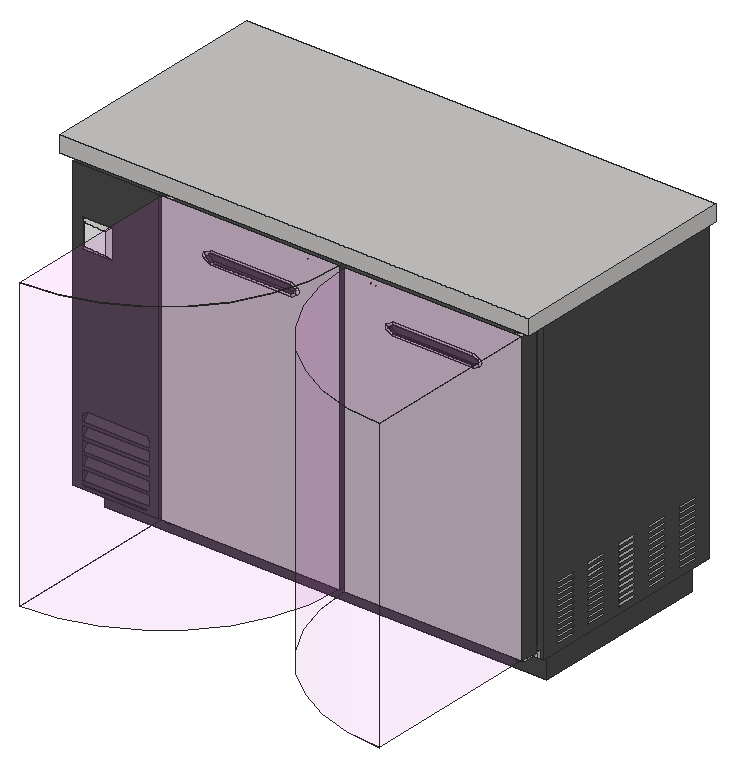
Revit family "QF_Kelvinator_738269_KCHBB48S", category Specialty Equipment, Revit 2021
Family settings
  Round Connector Dimension = Use Diameter
  Part Type = Normal
  Work Plane-Based = No
  Always vertical = Yes
  Cut with Voids When Loaded = No
  Shared = No
  Room Calculation Point = No
Parameters
  Weight in Pounds = 205.03
  Weight = 94.00 lbm
  Watts = 0 W
  Volts = 115 V
  URL Manufacturer = "KELVINATOR"
  URL Cutsheet = ""
  URL = "KELVINATOR"
  Specification by User = ""
  Specification by Manufacturer = ""
  Show Clearance [instance] = yes
  Serial Number = ""
  Seismic Rating = ""
  SMACNA No = ""
  Revision Code = ""
  Refrigerant Type = "R290"
  Phase = 1
  Number of Poles = 1
  NAFEM Spec ID Number = ""
  Model = "KCHBB48S"
  Min Ckt Ampacity = 0 A
  Max Overcurrent Protection = 0 A
  Masterspec = ""
  Manufacturer = "Kelvinator"
  Length Actual = 1247"
  Length = 49 1/8"
  Item Number = "738269"
  Installed By = ""
  Identify Quantity as Lot = yes
  Height Actual = 920"
  Height = 36 1/4"
  HP = "0.4 HP"
  Gas KW = 0
  Furnished By = ""
  Foodservice Equipment Identifier = yes
  FL Amps = 3 A
  Electrical Remarks = ""
  Electric Connection Type = ""
  Elec Conn RI Height = 0"
  Elec Conn Connection Height = 0"
  Description = "2-SOLID DOOR BACK BAR REFRIGERATOR BLACK 49\" LONG"
  Depth Actual = 620"
  Depth = 24 7/16"
  Default Elevation = 0"
  Cycle = 60 Hz
  Conn Plug = "5-15P"
  Conn Conduit = yes
  CSI MasterFormat = ""
  Apparent Power = 0 VA
  Accessory = no
Reference planes (in)
  plane 1 "BACK": y = 0
  plane 2: z = 0
  plane 3 "LEFT": x = 0
  plane 4 "RIGHT": x = 49.125
  plane 5 "FRONT": y = -24.4375
  plane 6 "TOP": z = 36.25
  plane 7 "Center Y": x = 24.5625
  plane 8 "Center X": y = -12.21875
Dimensions and locks (in)
  equal spacing: plane 3 "LEFT", plane 7 "Center Y", plane 4 "RIGHT"
  "Length": plane 3 "LEFT" to plane 4 "RIGHT"
  equal spacing: plane 5 "FRONT", plane 8 "Center X", plane 1 "BACK"
  "Depth": plane 5 "FRONT" to plane 1 "BACK"
  "Height": plane 6 "TOP" to level
  aligned and locked: level to plane 2
Nested families (in)
  nested 1: "KCHBB48S" at (0, 0, 0), Show Clearance <- "Show Clearance", type "KCHBB48S"
    with Show Clearance yes
Connectors (in)
  electrical at (24.53125, -0.715, 2.22), driven by "Volts", driven by "Watts"
    settings: on nested 1, index 1, voltage 115 V, apparent load 0 VA, apparent load phase1 0 VA, apparent load phase2 0 VA, apparent load phase3 0 VA, power factor 1, load classification "Other", number of poles 1, system type 30, power factor state 1, is connector primary yes, connector utility no, sub classification motor no, connector description ""
Definition of nested family "KCHBB48S"
  Parameters (values of type "KCHBB48S")
    Weight in Pounds = 0
    URL Cutsheet = ""
    Specification by User = ""
    Specification by Manufacturer = ""
    Show Clearance [instance] = yes
    Serial Number = ""
    Seismic Rating = ""
    SMACNA No = ""
    Revision Code = ""
    NAFEM Spec ID Number = ""
    Masterspec = ""
    Length = 49 1/8"
    Item Number = ""
    Installed By = ""
    Identify Quantity as Lot = yes
    Height = 36 1/4"
    Furnished By = ""
    Foodservice Equipment Identifier = yes
    Depth = 24 7/16"
    Default Elevation = 0"
    CSI MasterFormat = ""
  Reference planes (in)
    plane 1 "BACK": y = 0
    plane 2: z = 0
    plane 3 "LEFT": x = 0
    plane 4 "RIGHT": x = 49.125
    plane 5 "FRONT": y = -24.4375
    plane 6 "TOP": z = 36.25
    plane 7 "Center Y": x = 24.5625
    plane 8 "Center X": y = -12.21875
    plane 9: x = 48.46875
    plane 10: x = 0.59375
    plane 11: x = 47.96875
    plane 12: x = 29.36875
    plane 13: x = 28.86875
    plane 14: x = 10.26875
    plane 15: x = 9.93375
    plane 16: x = 0.93375
    plane 17: z = 2.72
    plane 18: z = 34.5875
    plane 19: y = -40.8
    plane 20: y = -21.6
    plane 21: x = 1.34375
    plane 22: x = 47.71875
    plane 23: y = -1.34
    plane 24: y = -20.26
    plane 25: z = 33.8375
    plane 26: z = 3.4375
    plane 27: y = -22.1
    plane 28: x = 1.93375
    plane 29: x = 8.93375
  Forms (in)
    Extrusion 1, solid
      sketch origin (0.59375, -180, -2.6612) x (0, 0, -1) y (0, -1, 0)
        loop
          line (-5.3812, -180) -> (-5.3812, -158.4) -> (-37.2487, -158.4) -> (-37.2487, -180) -> (-5.3812, -180)
      from 0 to -47.875
    Extrusion 2, solid
      sketch origin (0, 0, 0) x (0, 1, 0) y (0, 0, 1)
        loop
          line (-24.4375, 36.25) -> (-24.4375, 34.5875) -> (0, 34.5875) -> (0, 36.25) -> (-24.4375, 36.25)
      from 0 to 49.125
    Extrusion 3, solid
      sketch origin (0, -1.34, 0) x (0, 0, -1) y (1, 0, 0)
        loop
          line (-2.72, 1.34375) -> (0, 1.34375) -> (0, 47.71875) -> (-2.72, 47.71875) -> (-2.72, 1.34375)
      from 0 to 18.92
    Extrusion 4, solid
      sketch origin (0, -22.1, 34.5875) x (0, 0, 1) y (1, 0, 0)
        loop
          line (-0.75, 0.93375) -> (-0.75, 9.93375) -> (-31.15, 9.93375) -> (-31.15, 0.93375) -> (-0.75, 0.93375)
      from 0.5 to -1.75
    Extrusion 5, void
      sketch origin (1.93375, -180, 12.66737) x (0, 0, -1) y (0, -1, 0)
        loop
          line (8.97987, -157.025) -> (8.97987, -154.65) -> (1.85487, -154.65) -> (1.85487, -157.025) -> (2.10487, -157.025) -> (2.97987, -156.15) -> (3.22987, -156.15) -> (3.22987, -157.025) -> (3.47987, -157.025) -> (4.35487, -156.15) -> (4.60487, -156.15) -> (4.60487, -157.025) -> (4.85487, -157.025) -> (5.72987, -156.15) -> (5.97987, -156.15) -> (5.97987, -157.025) -> (6.22987, -157.025) -> (7.10487, -156.15) -> (7.35487, -156.15) -> (7.35487, -157.025) -> (7.60487, -157.025) -> (8.47987, -156.15) -> (8.72987, -156.15) -> (8.72987, -157.025) -> (8.97987, -157.025)
      from 0 to -7
    Extrusion 6, solid
      sketch origin (47.96875, -23.85, 3.4375) x (0, 0, 1) y (-1, 0, 0)
        loop
          line (7.375, 39.535) -> (7.375, 45.535)
          arc (7.375, 45.535) -> (7.22855, 45.88855) -> (6.875, 46.035) r 0.5
          line (6.875, 46.035) -> (0.75, 46.035)
          arc (0.75, 46.035) -> (0.39645, 45.88855) -> (0.25, 45.535) r 0.5
          line (0.25, 45.535) -> (0.25, 39.535)
          arc (0.25, 39.535) -> (0.39645, 39.18145) -> (0.75, 39.035) r 0.5
          line (0.75, 39.035) -> (6.875, 39.035)
          arc (6.875, 39.035) -> (7.22855, 39.18145) -> (7.375, 39.535) r 0.5
        loop
          line (7.625, 39.535) -> (7.625, 45.535)
          arc (7.625, 45.535) -> (7.40533, 46.06533) -> (6.875, 46.285) r 0.75
          line (6.875, 46.285) -> (0.75, 46.285)
          arc (0.75, 46.285) -> (0.21967, 46.06533) -> (0, 45.535) r 0.75
          line (0, 45.535) -> (0, 39.535)
          arc (0, 39.535) -> (0.21967, 39.00467) -> (0.75, 38.785) r 0.75
          line (0.75, 38.785) -> (6.875, 38.785)
          arc (6.875, 38.785) -> (7.40533, 39.00467) -> (7.625, 39.535) r 0.75
      from 0 to -0.875
    Blend 7, solid
      base sketch origin (47.96875, -23.85, 3.4375) x (0, 0, 1) y (-1, 0, 0)
        loop
          line (25.18493, 45.65025) -> (22.93493, 45.65025) -> (22.93493, 43.40025) -> (25.18493, 43.40025) -> (25.18493, 45.65025)
      top sketch origin (47.96875, -23.85, 3.4375) x (0, 0, 1) y (-1, 0, 0)
        loop
          line (25.56493, 46.03025) -> (22.55493, 46.03025) -> (22.55493, 43.02025) -> (25.56493, 43.02025) -> (25.56493, 46.03025)
      from 0.21643 to 0
    Extrusion 8, void
      sketch origin (0.59375, -180, -2.6612) x (0, 0, 1) y (0, -1, 0)
        loop
          arc (12.10379, -160.16063) -> (11.94754, -160.00438) -> (11.79129, -160.16063) r 0.15625
          line (11.79129, -160.16063) -> (11.79129, -162.09813)
          arc (11.79129, -162.09813) -> (11.94754, -162.25438) -> (12.10379, -162.09813) r 0.15625
          line (12.10379, -162.09813) -> (12.10379, -160.16063)
        loop
          arc (11.54129, -160.16063) -> (11.38504, -160.00438) -> (11.22879, -160.16063) r 0.15625
          line (11.22879, -160.16063) -> (11.22879, -162.09813)
          arc (11.22879, -162.09813) -> (11.38504, -162.25438) -> (11.54129, -162.09813) r 0.15625
          line (11.54129, -162.09813) -> (11.54129, -160.16063)
        loop
          arc (10.97879, -160.16063) -> (10.82254, -160.00438) -> (10.66629, -160.16063) r 0.15625
          line (10.66629, -160.16063) -> (10.66629, -162.09813)
          arc (10.66629, -162.09813) -> (10.82254, -162.25438) -> (10.97879, -162.09813) r 0.15625
          line (10.97879, -162.09813) -> (10.97879, -160.16063)
        loop
          arc (10.41629, -160.16063) -> (10.26004, -160.00438) -> (10.10379, -160.16063) r 0.15625
          line (10.10379, -160.16063) -> (10.10379, -162.09813)
          arc (10.10379, -162.09813) -> (10.26004, -162.25438) -> (10.41629, -162.09813) r 0.15625
          line (10.41629, -162.09813) -> (10.41629, -160.16063)
        loop
          arc (9.85379, -160.16063) -> (9.69754, -160.00438) -> (9.54129, -160.16063) r 0.15625
          line (9.54129, -160.16063) -> (9.54129, -162.09813)
          arc (9.54129, -162.09813) -> (9.69754, -162.25438) -> (9.85379, -162.09813) r 0.15625
          line (9.85379, -162.09813) -> (9.85379, -160.16063)
        loop
          arc (9.29129, -160.16063) -> (9.13504, -160.00438) -> (8.97879, -160.16063) r 0.15625
          line (8.97879, -160.16063) -> (8.97879, -162.09813)
          arc (8.97879, -162.09813) -> (9.13504, -162.25438) -> (9.29129, -162.09813) r 0.15625
          line (9.29129, -162.09813) -> (9.29129, -160.16063)
        loop
          arc (8.72879, -160.16063) -> (8.57254, -160.00438) -> (8.41629, -160.16063) r 0.15625
          line (8.41629, -160.16063) -> (8.41629, -162.09813)
          arc (8.41629, -162.09813) -> (8.57254, -162.25438) -> (8.72879, -162.09813) r 0.15625
          line (8.72879, -162.09813) -> (8.72879, -160.16063)
        loop
          arc (8.16629, -160.16063) -> (8.01004, -160.00438) -> (7.85379, -160.16063) r 0.15625
          line (7.85379, -160.16063) -> (7.85379, -162.09813)
          arc (7.85379, -162.09813) -> (8.01004, -162.25438) -> (8.16629, -162.09813) r 0.15625
          line (8.16629, -162.09813) -> (8.16629, -160.16063)
        loop
          arc (7.60379, -160.16063) -> (7.44754, -160.00438) -> (7.29129, -160.16063) r 0.15625
          line (7.29129, -160.16063) -> (7.29129, -162.09813)
          arc (7.29129, -162.09813) -> (7.44754, -162.25438) -> (7.60379, -162.09813) r 0.15625
          line (7.60379, -162.09813) -> (7.60379, -160.16063)
        loop
          arc (7.04129, -160.16063) -> (6.88504, -160.00438) -> (6.72879, -160.16063) r 0.15625
          line (6.72879, -160.16063) -> (6.72879, -162.09813)
          arc (6.72879, -162.09813) -> (6.88504, -162.25438) -> (7.04129, -162.09813) r 0.15625
          line (7.04129, -162.09813) -> (7.04129, -160.16063)
        loop
          arc (6.47879, -160.16063) -> (6.32254, -160.00438) -> (6.16629, -160.16063) r 0.15625
          line (6.16629, -160.16063) -> (6.16629, -162.09813)
          arc (6.16629, -162.09813) -> (6.32254, -162.25438) -> (6.47879, -162.09813) r 0.15625
          line (6.47879, -162.09813) -> (6.47879, -160.16063)
        loop
          arc (12.10379, -164.16063) -> (11.94754, -164.00438) -> (11.79129, -164.16063) r 0.15625
          line (11.79129, -164.16063) -> (11.79129, -166.09813)
          arc (11.79129, -166.09813) -> (11.94754, -166.25438) -> (12.10379, -166.09813) r 0.15625
          line (12.10379, -166.09813) -> (12.10379, -164.16063)
        loop
          arc (11.54129, -164.16063) -> (11.38504, -164.00438) -> (11.22879, -164.16063) r 0.15625
          line (11.22879, -164.16063) -> (11.22879, -166.09813)
          arc (11.22879, -166.09813) -> (11.38504, -166.25438) -> (11.54129, -166.09813) r 0.15625
          line (11.54129, -166.09813) -> (11.54129, -164.16063)
        loop
          arc (10.97879, -164.16063) -> (10.82254, -164.00438) -> (10.66629, -164.16063) r 0.15625
          line (10.66629, -164.16063) -> (10.66629, -166.09813)
          arc (10.66629, -166.09813) -> (10.82254, -166.25438) -> (10.97879, -166.09813) r 0.15625
          line (10.97879, -166.09813) -> (10.97879, -164.16063)
        loop
          arc (10.41629, -164.16063) -> (10.26004, -164.00438) -> (10.10379, -164.16063) r 0.15625
          line (10.10379, -164.16063) -> (10.10379, -166.09813)
          arc (10.10379, -166.09813) -> (10.26004, -166.25438) -> (10.41629, -166.09813) r 0.15625
          line (10.41629, -166.09813) -> (10.41629, -164.16063)
        loop
          arc (9.85379, -164.16063) -> (9.69754, -164.00438) -> (9.54129, -164.16063) r 0.15625
          line (9.54129, -164.16063) -> (9.54129, -166.09813)
          arc (9.54129, -166.09813) -> (9.69754, -166.25438) -> (9.85379, -166.09813) r 0.15625
          line (9.85379, -166.09813) -> (9.85379, -164.16063)
        loop
          arc (9.29129, -164.16063) -> (9.13504, -164.00438) -> (8.97879, -164.16063) r 0.15625
          line (8.97879, -164.16063) -> (8.97879, -166.09813)
          arc (8.97879, -166.09813) -> (9.13504, -166.25438) -> (9.29129, -166.09813) r 0.15625
          line (9.29129, -166.09813) -> (9.29129, -164.16063)
        loop
          arc (8.72879, -164.16063) -> (8.57254, -164.00438) -> (8.41629, -164.16063) r 0.15625
          line (8.41629, -164.16063) -> (8.41629, -166.09813)
          arc (8.41629, -166.09813) -> (8.57254, -166.25438) -> (8.72879, -166.09813) r 0.15625
          line (8.72879, -166.09813) -> (8.72879, -164.16063)
        loop
          arc (8.16629, -164.16063) -> (8.01004, -164.00438) -> (7.85379, -164.16063) r 0.15625
          line (7.85379, -164.16063) -> (7.85379, -166.09813)
          arc (7.85379, -166.09813) -> (8.01004, -166.25438) -> (8.16629, -166.09813) r 0.15625
          line (8.16629, -166.09813) -> (8.16629, -164.16063)
        loop
          arc (7.60379, -164.16063) -> (7.44754, -164.00438) -> (7.29129, -164.16063) r 0.15625
          line (7.29129, -164.16063) -> (7.29129, -166.09813)
          arc (7.29129, -166.09813) -> (7.44754, -166.25438) -> (7.60379, -166.09813) r 0.15625
          line (7.60379, -166.09813) -> (7.60379, -164.16063)
        loop
          arc (7.04129, -164.16063) -> (6.88504, -164.00438) -> (6.72879, -164.16063) r 0.15625
          line (6.72879, -164.16063) -> (6.72879, -166.09813)
          arc (6.72879, -166.09813) -> (6.88504, -166.25438) -> (7.04129, -166.09813) r 0.15625
          line (7.04129, -166.09813) -> (7.04129, -164.16063)
        loop
          arc (6.47879, -164.16063) -> (6.32254, -164.00438) -> (6.16629, -164.16063) r 0.15625
          line (6.16629, -164.16063) -> (6.16629, -166.09813)
          arc (6.16629, -166.09813) -> (6.32254, -166.25438) -> (6.47879, -166.09813) r 0.15625
          line (6.47879, -166.09813) -> (6.47879, -164.16063)
        loop
          arc (12.10379, -168.16063) -> (11.94754, -168.00438) -> (11.79129, -168.16063) r 0.15625
          line (11.79129, -168.16063) -> (11.79129, -170.09813)
          arc (11.79129, -170.09813) -> (11.94754, -170.25438) -> (12.10379, -170.09813) r 0.15625
          line (12.10379, -170.09813) -> (12.10379, -168.16063)
        loop
          arc (11.54129, -168.16063) -> (11.38504, -168.00438) -> (11.22879, -168.16063) r 0.15625
          line (11.22879, -168.16063) -> (11.22879, -170.09813)
          arc (11.22879, -170.09813) -> (11.38504, -170.25438) -> (11.54129, -170.09813) r 0.15625
          line (11.54129, -170.09813) -> (11.54129, -168.16063)
        loop
          arc (10.97879, -168.16063) -> (10.82254, -168.00438) -> (10.66629, -168.16063) r 0.15625
          line (10.66629, -168.16063) -> (10.66629, -170.09813)
          arc (10.66629, -170.09813) -> (10.82254, -170.25438) -> (10.97879, -170.09813) r 0.15625
          line (10.97879, -170.09813) -> (10.97879, -168.16063)
        loop
          arc (10.41629, -168.16063) -> (10.26004, -168.00438) -> (10.10379, -168.16063) r 0.15625
          line (10.10379, -168.16063) -> (10.10379, -170.09813)
          arc (10.10379, -170.09813) -> (10.26004, -170.25438) -> (10.41629, -170.09813) r 0.15625
          line (10.41629, -170.09813) -> (10.41629, -168.16063)
        loop
          arc (9.85379, -168.16063) -> (9.69754, -168.00438) -> (9.54129, -168.16063) r 0.15625
          line (9.54129, -168.16063) -> (9.54129, -170.09813)
          arc (9.54129, -170.09813) -> (9.69754, -170.25438) -> (9.85379, -170.09813) r 0.15625
          line (9.85379, -170.09813) -> (9.85379, -168.16063)
        loop
          arc (9.29129, -168.16063) -> (9.13504, -168.00438) -> (8.97879, -168.16063) r 0.15625
          line (8.97879, -168.16063) -> (8.97879, -170.09813)
          arc (8.97879, -170.09813) -> (9.13504, -170.25438) -> (9.29129, -170.09813) r 0.15625
          line (9.29129, -170.09813) -> (9.29129, -168.16063)
        loop
          arc (8.72879, -168.16063) -> (8.57254, -168.00438) -> (8.41629, -168.16063) r 0.15625
          line (8.41629, -168.16063) -> (8.41629, -170.09813)
          arc (8.41629, -170.09813) -> (8.57254, -170.25438) -> (8.72879, -170.09813) r 0.15625
          line (8.72879, -170.09813) -> (8.72879, -168.16063)
        loop
          arc (8.16629, -168.16063) -> (8.01004, -168.00438) -> (7.85379, -168.16063) r 0.15625
          line (7.85379, -168.16063) -> (7.85379, -170.09813)
          arc (7.85379, -170.09813) -> (8.01004, -170.25438) -> (8.16629, -170.09813) r 0.15625
          line (8.16629, -170.09813) -> (8.16629, -168.16063)
        loop
          arc (7.60379, -168.16063) -> (7.44754, -168.00438) -> (7.29129, -168.16063) r 0.15625
          line (7.29129, -168.16063) -> (7.29129, -170.09813)
          arc (7.29129, -170.09813) -> (7.44754, -170.25438) -> (7.60379, -170.09813) r 0.15625
          line (7.60379, -170.09813) -> (7.60379, -168.16063)
        loop
          arc (7.04129, -168.16063) -> (6.88504, -168.00438) -> (6.72879, -168.16063) r 0.15625
          line (6.72879, -168.16063) -> (6.72879, -170.09813)
          arc (6.72879, -170.09813) -> (6.88504, -170.25438) -> (7.04129, -170.09813) r 0.15625
          line (7.04129, -170.09813) -> (7.04129, -168.16063)
        loop
          arc (6.47879, -168.16063) -> (6.32254, -168.00438) -> (6.16629, -168.16063) r 0.15625
          line (6.16629, -168.16063) -> (6.16629, -170.09813)
          arc (6.16629, -170.09813) -> (6.32254, -170.25438) -> (6.47879, -170.09813) r 0.15625
          line (6.47879, -170.09813) -> (6.47879, -168.16063)
        loop
          arc (12.10379, -172.16063) -> (11.94754, -172.00438) -> (11.79129, -172.16063) r 0.15625
          line (11.79129, -172.16063) -> (11.79129, -174.09813)
          arc (11.79129, -174.09813) -> (11.94754, -174.25438) -> (12.10379, -174.09813) r 0.15625
          line (12.10379, -174.09813) -> (12.10379, -172.16063)
        loop
          arc (11.54129, -172.16063) -> (11.38504, -172.00438) -> (11.22879, -172.16063) r 0.15625
          line (11.22879, -172.16063) -> (11.22879, -174.09813)
          arc (11.22879, -174.09813) -> (11.38504, -174.25438) -> (11.54129, -174.09813) r 0.15625
          line (11.54129, -174.09813) -> (11.54129, -172.16063)
        loop
          arc (10.97879, -172.16063) -> (10.82254, -172.00438) -> (10.66629, -172.16063) r 0.15625
          line (10.66629, -172.16063) -> (10.66629, -174.09813)
          arc (10.66629, -174.09813) -> (10.82254, -174.25438) -> (10.97879, -174.09813) r 0.15625
          line (10.97879, -174.09813) -> (10.97879, -172.16063)
        loop
          arc (10.41629, -172.16063) -> (10.26004, -172.00438) -> (10.10379, -172.16063) r 0.15625
          line (10.10379, -172.16063) -> (10.10379, -174.09813)
          arc (10.10379, -174.09813) -> (10.26004, -174.25438) -> (10.41629, -174.09813) r 0.15625
          line (10.41629, -174.09813) -> (10.41629, -172.16063)
        loop
          arc (9.85379, -172.16063) -> (9.69754, -172.00438) -> (9.54129, -172.16063) r 0.15625
          line (9.54129, -172.16063) -> (9.54129, -174.09813)
          arc (9.54129, -174.09813) -> (9.69754, -174.25438) -> (9.85379, -174.09813) r 0.15625
          line (9.85379, -174.09813) -> (9.85379, -172.16063)
        loop
          arc (9.29129, -172.16063) -> (9.13504, -172.00438) -> (8.97879, -172.16063) r 0.15625
          line (8.97879, -172.16063) -> (8.97879, -174.09813)
          arc (8.97879, -174.09813) -> (9.13504, -174.25438) -> (9.29129, -174.09813) r 0.15625
          line (9.29129, -174.09813) -> (9.29129, -172.16063)
        loop
          arc (8.72879, -172.16063) -> (8.57254, -172.00438) -> (8.41629, -172.16063) r 0.15625
          line (8.41629, -172.16063) -> (8.41629, -174.09813)
          arc (8.41629, -174.09813) -> (8.57254, -174.25438) -> (8.72879, -174.09813) r 0.15625
          line (8.72879, -174.09813) -> (8.72879, -172.16063)
        loop
          arc (8.16629, -172.16063) -> (8.01004, -172.00438) -> (7.85379, -172.16063) r 0.15625
          line (7.85379, -172.16063) -> (7.85379, -174.09813)
          arc (7.85379, -174.09813) -> (8.01004, -174.25438) -> (8.16629, -174.09813) r 0.15625
          line (8.16629, -174.09813) -> (8.16629, -172.16063)
        loop
          arc (7.60379, -172.16063) -> (7.44754, -172.00438) -> (7.29129, -172.16063) r 0.15625
          line (7.29129, -172.16063) -> (7.29129, -174.09813)
          arc (7.29129, -174.09813) -> (7.44754, -174.25438) -> (7.60379, -174.09813) r 0.15625
          line (7.60379, -174.09813) -> (7.60379, -172.16063)
        loop
          arc (7.04129, -172.16063) -> (6.88504, -172.00438) -> (6.72879, -172.16063) r 0.15625
          line (6.72879, -172.16063) -> (6.72879, -174.09813)
          arc (6.72879, -174.09813) -> (6.88504, -174.25438) -> (7.04129, -174.09813) r 0.15625
          line (7.04129, -174.09813) -> (7.04129, -172.16063)
        loop
          arc (6.47879, -172.16063) -> (6.32254, -172.00438) -> (6.16629, -172.16063) r 0.15625
          line (6.16629, -172.16063) -> (6.16629, -174.09813)
          arc (6.16629, -174.09813) -> (6.32254, -174.25438) -> (6.47879, -174.09813) r 0.15625
          line (6.47879, -174.09813) -> (6.47879, -172.16063)
        loop
          arc (12.10379, -176.16063) -> (11.94754, -176.00438) -> (11.79129, -176.16063) r 0.15625
          line (11.79129, -176.16063) -> (11.79129, -178.09813)
          arc (11.79129, -178.09813) -> (11.94754, -178.25438) -> (12.10379, -178.09813) r 0.15625
          line (12.10379, -178.09813) -> (12.10379, -176.16063)
        loop
          arc (11.54129, -176.16063) -> (11.38504, -176.00438) -> (11.22879, -176.16063) r 0.15625
          line (11.22879, -176.16063) -> (11.22879, -178.09813)
          arc (11.22879, -178.09813) -> (11.38504, -178.25438) -> (11.54129, -178.09813) r 0.15625
          line (11.54129, -178.09813) -> (11.54129, -176.16063)
        loop
          arc (10.97879, -176.16063) -> (10.82254, -176.00438) -> (10.66629, -176.16063) r 0.15625
          line (10.66629, -176.16063) -> (10.66629, -178.09813)
          arc (10.66629, -178.09813) -> (10.82254, -178.25438) -> (10.97879, -178.09813) r 0.15625
          line (10.97879, -178.09813) -> (10.97879, -176.16063)
        loop
          arc (10.41629, -176.16063) -> (10.26004, -176.00438) -> (10.10379, -176.16063) r 0.15625
          line (10.10379, -176.16063) -> (10.10379, -178.09813)
          arc (10.10379, -178.09813) -> (10.26004, -178.25438) -> (10.41629, -178.09813) r 0.15625
          line (10.41629, -178.09813) -> (10.41629, -176.16063)
        loop
          arc (9.85379, -176.16063) -> (9.69754, -176.00438) -> (9.54129, -176.16063) r 0.15625
          line (9.54129, -176.16063) -> (9.54129, -178.09813)
          arc (9.54129, -178.09813) -> (9.69754, -178.25438) -> (9.85379, -178.09813) r 0.15625
          line (9.85379, -178.09813) -> (9.85379, -176.16063)
        loop
          arc (9.29129, -176.16063) -> (9.13504, -176.00438) -> (8.97879, -176.16063) r 0.15625
          line (8.97879, -176.16063) -> (8.97879, -178.09813)
          arc (8.97879, -178.09813) -> (9.13504, -178.25438) -> (9.29129, -178.09813) r 0.15625
          line (9.29129, -178.09813) -> (9.29129, -176.16063)
        loop
          arc (8.72879, -176.16063) -> (8.57254, -176.00438) -> (8.41629, -176.16063) r 0.15625
          line (8.41629, -176.16063) -> (8.41629, -178.09813)
          arc (8.41629, -178.09813) -> (8.57254, -178.25438) -> (8.72879, -178.09813) r 0.15625
          line (8.72879, -178.09813) -> (8.72879, -176.16063)
        loop
          arc (8.16629, -176.16063) -> (8.01004, -176.00438) -> (7.85379, -176.16063) r 0.15625
          line (7.85379, -176.16063) -> (7.85379, -178.09813)
          arc (7.85379, -178.09813) -> (8.01004, -178.25438) -> (8.16629, -178.09813) r 0.15625
          line (8.16629, -178.09813) -> (8.16629, -176.16063)
        loop
          arc (7.60379, -176.16063) -> (7.44754, -176.00438) -> (7.29129, -176.16063) r 0.15625
          line (7.29129, -176.16063) -> (7.29129, -178.09813)
          arc (7.29129, -178.09813) -> (7.44754, -178.25438) -> (7.60379, -178.09813) r 0.15625
          line (7.60379, -178.09813) -> (7.60379, -176.16063)
        loop
          arc (7.04129, -176.16063) -> (6.88504, -176.00438) -> (6.72879, -176.16063) r 0.15625
          line (6.72879, -176.16063) -> (6.72879, -178.09813)
          arc (6.72879, -178.09813) -> (6.88504, -178.25438) -> (7.04129, -178.09813) r 0.15625
          line (7.04129, -178.09813) -> (7.04129, -176.16063)
        loop
          arc (6.47879, -176.16063) -> (6.32254, -176.00438) -> (6.16629, -176.16063) r 0.15625
          line (6.16629, -176.16063) -> (6.16629, -178.09813)
          arc (6.16629, -178.09813) -> (6.32254, -178.25438) -> (6.47879, -178.09813) r 0.15625
          line (6.47879, -178.09813) -> (6.47879, -176.16063)
      from 0 to 0.03
    Extrusion 9, void
      sketch origin (48.46875, -180, -2.6612) x (0, 0, 1) y (0, 1, 0)
        loop
          line (12.07129, 160.16063) -> (12.07129, 162.09813)
          arc (12.07129, 162.09813) -> (11.91504, 162.25438) -> (11.75879, 162.09813) r 0.15625
          line (11.75879, 162.09813) -> (11.75879, 160.16063)
          arc (11.75879, 160.16063) -> (11.91504, 160.00438) -> (12.07129, 160.16063) r 0.15625
        loop
          line (11.50879, 160.16063) -> (11.50879, 162.09813)
          arc (11.50879, 162.09813) -> (11.35254, 162.25438) -> (11.19629, 162.09813) r 0.15625
          line (11.19629, 162.09813) -> (11.19629, 160.16063)
          arc (11.19629, 160.16063) -> (11.35254, 160.00438) -> (11.50879, 160.16063) r 0.15625
        loop
          line (10.94629, 160.16063) -> (10.94629, 162.09813)
          arc (10.94629, 162.09813) -> (10.79004, 162.25438) -> (10.63379, 162.09813) r 0.15625
          line (10.63379, 162.09813) -> (10.63379, 160.16063)
          arc (10.63379, 160.16063) -> (10.79004, 160.00438) -> (10.94629, 160.16063) r 0.15625
        loop
          line (10.38379, 160.16063) -> (10.38379, 162.09813)
          arc (10.38379, 162.09813) -> (10.22754, 162.25438) -> (10.07129, 162.09813) r 0.15625
          line (10.07129, 162.09813) -> (10.07129, 160.16063)
          arc (10.07129, 160.16063) -> (10.22754, 160.00438) -> (10.38379, 160.16063) r 0.15625
        loop
          line (9.82129, 160.16063) -> (9.82129, 162.09813)
          arc (9.82129, 162.09813) -> (9.66504, 162.25438) -> (9.50879, 162.09813) r 0.15625
          line (9.50879, 162.09813) -> (9.50879, 160.16063)
          arc (9.50879, 160.16063) -> (9.66504, 160.00438) -> (9.82129, 160.16063) r 0.15625
        loop
          line (9.25879, 160.16063) -> (9.25879, 162.09813)
          arc (9.25879, 162.09813) -> (9.10254, 162.25438) -> (8.94629, 162.09813) r 0.15625
          line (8.94629, 162.09813) -> (8.94629, 160.16063)
          arc (8.94629, 160.16063) -> (9.10254, 160.00438) -> (9.25879, 160.16063) r 0.15625
        loop
          line (8.69629, 160.16063) -> (8.69629, 162.09813)
          arc (8.69629, 162.09813) -> (8.54004, 162.25438) -> (8.38379, 162.09813) r 0.15625
          line (8.38379, 162.09813) -> (8.38379, 160.16063)
          arc (8.38379, 160.16063) -> (8.54004, 160.00438) -> (8.69629, 160.16063) r 0.15625
        loop
          line (8.13379, 160.16063) -> (8.13379, 162.09813)
          arc (8.13379, 162.09813) -> (7.97754, 162.25438) -> (7.82129, 162.09813) r 0.15625
          line (7.82129, 162.09813) -> (7.82129, 160.16063)
          arc (7.82129, 160.16063) -> (7.97754, 160.00438) -> (8.13379, 160.16063) r 0.15625
        loop
          line (7.57129, 160.16063) -> (7.57129, 162.09813)
          arc (7.57129, 162.09813) -> (7.41504, 162.25438) -> (7.25879, 162.09813) r 0.15625
          line (7.25879, 162.09813) -> (7.25879, 160.16063)
          arc (7.25879, 160.16063) -> (7.41504, 160.00438) -> (7.57129, 160.16063) r 0.15625
        loop
          line (7.00879, 160.16063) -> (7.00879, 162.09813)
          arc (7.00879, 162.09813) -> (6.85254, 162.25438) -> (6.69629, 162.09813) r 0.15625
          line (6.69629, 162.09813) -> (6.69629, 160.16063)
          arc (6.69629, 160.16063) -> (6.85254, 160.00438) -> (7.00879, 160.16063) r 0.15625
        loop
          line (6.44629, 160.16063) -> (6.44629, 162.09813)
          arc (6.44629, 162.09813) -> (6.29004, 162.25438) -> (6.13379, 162.09813) r 0.15625
          line (6.13379, 162.09813) -> (6.13379, 160.16063)
          arc (6.13379, 160.16063) -> (6.29004, 160.00438) -> (6.44629, 160.16063) r 0.15625
        loop
          line (12.07129, 164.16063) -> (12.07129, 166.09813)
          arc (12.07129, 166.09813) -> (11.91504, 166.25438) -> (11.75879, 166.09813) r 0.15625
          line (11.75879, 166.09813) -> (11.75879, 164.16063)
          arc (11.75879, 164.16063) -> (11.91504, 164.00438) -> (12.07129, 164.16063) r 0.15625
        loop
          line (11.50879, 164.16063) -> (11.50879, 166.09813)
          arc (11.50879, 166.09813) -> (11.35254, 166.25438) -> (11.19629, 166.09813) r 0.15625
          line (11.19629, 166.09813) -> (11.19629, 164.16063)
          arc (11.19629, 164.16063) -> (11.35254, 164.00438) -> (11.50879, 164.16063) r 0.15625
        loop
          line (10.94629, 164.16063) -> (10.94629, 166.09813)
          arc (10.94629, 166.09813) -> (10.79004, 166.25438) -> (10.63379, 166.09813) r 0.15625
          line (10.63379, 166.09813) -> (10.63379, 164.16063)
          arc (10.63379, 164.16063) -> (10.79004, 164.00438) -> (10.94629, 164.16063) r 0.15625
        loop
          line (10.38379, 164.16063) -> (10.38379, 166.09813)
          arc (10.38379, 166.09813) -> (10.22754, 166.25438) -> (10.07129, 166.09813) r 0.15625
          line (10.07129, 166.09813) -> (10.07129, 164.16063)
          arc (10.07129, 164.16063) -> (10.22754, 164.00438) -> (10.38379, 164.16063) r 0.15625
        loop
          line (9.82129, 164.16063) -> (9.82129, 166.09813)
          arc (9.82129, 166.09813) -> (9.66504, 166.25438) -> (9.50879, 166.09813) r 0.15625
          line (9.50879, 166.09813) -> (9.50879, 164.16063)
          arc (9.50879, 164.16063) -> (9.66504, 164.00438) -> (9.82129, 164.16063) r 0.15625
        loop
          line (9.25879, 164.16063) -> (9.25879, 166.09813)
          arc (9.25879, 166.09813) -> (9.10254, 166.25438) -> (8.94629, 166.09813) r 0.15625
          line (8.94629, 166.09813) -> (8.94629, 164.16063)
          arc (8.94629, 164.16063) -> (9.10254, 164.00438) -> (9.25879, 164.16063) r 0.15625
        loop
          line (8.69629, 164.16063) -> (8.69629, 166.09813)
          arc (8.69629, 166.09813) -> (8.54004, 166.25438) -> (8.38379, 166.09813) r 0.15625
          line (8.38379, 166.09813) -> (8.38379, 164.16063)
          arc (8.38379, 164.16063) -> (8.54004, 164.00438) -> (8.69629, 164.16063) r 0.15625
        loop
          line (8.13379, 164.16063) -> (8.13379, 166.09813)
          arc (8.13379, 166.09813) -> (7.97754, 166.25438) -> (7.82129, 166.09813) r 0.15625
          line (7.82129, 166.09813) -> (7.82129, 164.16063)
          arc (7.82129, 164.16063) -> (7.97754, 164.00438) -> (8.13379, 164.16063) r 0.15625
        loop
          line (7.57129, 164.16063) -> (7.57129, 166.09813)
          arc (7.57129, 166.09813) -> (7.41504, 166.25438) -> (7.25879, 166.09813) r 0.15625
          line (7.25879, 166.09813) -> (7.25879, 164.16063)
          arc (7.25879, 164.16063) -> (7.41504, 164.00438) -> (7.57129, 164.16063) r 0.15625
        loop
          line (7.00879, 164.16063) -> (7.00879, 166.09813)
          arc (7.00879, 166.09813) -> (6.85254, 166.25438) -> (6.69629, 166.09813) r 0.15625
          line (6.69629, 166.09813) -> (6.69629, 164.16063)
          arc (6.69629, 164.16063) -> (6.85254, 164.00438) -> (7.00879, 164.16063) r 0.15625
        loop
          line (6.44629, 164.16063) -> (6.44629, 166.09813)
          arc (6.44629, 166.09813) -> (6.29004, 166.25438) -> (6.13379, 166.09813) r 0.15625
          line (6.13379, 166.09813) -> (6.13379, 164.16063)
          arc (6.13379, 164.16063) -> (6.29004, 164.00438) -> (6.44629, 164.16063) r 0.15625
        loop
          line (12.07129, 168.16063) -> (12.07129, 170.09813)
          arc (12.07129, 170.09813) -> (11.91504, 170.25438) -> (11.75879, 170.09813) r 0.15625
          line (11.75879, 170.09813) -> (11.75879, 168.16063)
          arc (11.75879, 168.16063) -> (11.91504, 168.00438) -> (12.07129, 168.16063) r 0.15625
        loop
          line (11.50879, 168.16063) -> (11.50879, 170.09813)
          arc (11.50879, 170.09813) -> (11.35254, 170.25438) -> (11.19629, 170.09813) r 0.15625
          line (11.19629, 170.09813) -> (11.19629, 168.16063)
          arc (11.19629, 168.16063) -> (11.35254, 168.00438) -> (11.50879, 168.16063) r 0.15625
        loop
          line (10.94629, 168.16063) -> (10.94629, 170.09813)
          arc (10.94629, 170.09813) -> (10.79004, 170.25438) -> (10.63379, 170.09813) r 0.15625
          line (10.63379, 170.09813) -> (10.63379, 168.16063)
          arc (10.63379, 168.16063) -> (10.79004, 168.00438) -> (10.94629, 168.16063) r 0.15625
        loop
          line (10.38379, 168.16063) -> (10.38379, 170.09813)
          arc (10.38379, 170.09813) -> (10.22754, 170.25438) -> (10.07129, 170.09813) r 0.15625
          line (10.07129, 170.09813) -> (10.07129, 168.16063)
          arc (10.07129, 168.16063) -> (10.22754, 168.00438) -> (10.38379, 168.16063) r 0.15625
        loop
          line (9.82129, 168.16063) -> (9.82129, 170.09813)
          arc (9.82129, 170.09813) -> (9.66504, 170.25438) -> (9.50879, 170.09813) r 0.15625
          line (9.50879, 170.09813) -> (9.50879, 168.16063)
          arc (9.50879, 168.16063) -> (9.66504, 168.00438) -> (9.82129, 168.16063) r 0.15625
        loop
          line (9.25879, 168.16063) -> (9.25879, 170.09813)
          arc (9.25879, 170.09813) -> (9.10254, 170.25438) -> (8.94629, 170.09813) r 0.15625
          line (8.94629, 170.09813) -> (8.94629, 168.16063)
          arc (8.94629, 168.16063) -> (9.10254, 168.00438) -> (9.25879, 168.16063) r 0.15625
        loop
          line (8.69629, 168.16063) -> (8.69629, 170.09813)
          arc (8.69629, 170.09813) -> (8.54004, 170.25438) -> (8.38379, 170.09813) r 0.15625
          line (8.38379, 170.09813) -> (8.38379, 168.16063)
          arc (8.38379, 168.16063) -> (8.54004, 168.00438) -> (8.69629, 168.16063) r 0.15625
        loop
          line (8.13379, 168.16063) -> (8.13379, 170.09813)
          arc (8.13379, 170.09813) -> (7.97754, 170.25438) -> (7.82129, 170.09813) r 0.15625
          line (7.82129, 170.09813) -> (7.82129, 168.16063)
          arc (7.82129, 168.16063) -> (7.97754, 168.00438) -> (8.13379, 168.16063) r 0.15625
        loop
          line (7.57129, 168.16063) -> (7.57129, 170.09813)
          arc (7.57129, 170.09813) -> (7.41504, 170.25438) -> (7.25879, 170.09813) r 0.15625
          line (7.25879, 170.09813) -> (7.25879, 168.16063)
          arc (7.25879, 168.16063) -> (7.41504, 168.00438) -> (7.57129, 168.16063) r 0.15625
        loop
          line (7.00879, 168.16063) -> (7.00879, 170.09813)
          arc (7.00879, 170.09813) -> (6.85254, 170.25438) -> (6.69629, 170.09813) r 0.15625
          line (6.69629, 170.09813) -> (6.69629, 168.16063)
          arc (6.69629, 168.16063) -> (6.85254, 168.00438) -> (7.00879, 168.16063) r 0.15625
        loop
          line (6.44629, 168.16063) -> (6.44629, 170.09813)
          arc (6.44629, 170.09813) -> (6.29004, 170.25438) -> (6.13379, 170.09813) r 0.15625
          line (6.13379, 170.09813) -> (6.13379, 168.16063)
          arc (6.13379, 168.16063) -> (6.29004, 168.00438) -> (6.44629, 168.16063) r 0.15625
        loop
          line (12.07129, 172.16063) -> (12.07129, 174.09813)
          arc (12.07129, 174.09813) -> (11.91504, 174.25438) -> (11.75879, 174.09813) r 0.15625
          line (11.75879, 174.09813) -> (11.75879, 172.16063)
          arc (11.75879, 172.16063) -> (11.91504, 172.00438) -> (12.07129, 172.16063) r 0.15625
        loop
          line (11.50879, 172.16063) -> (11.50879, 174.09813)
          arc (11.50879, 174.09813) -> (11.35254, 174.25438) -> (11.19629, 174.09813) r 0.15625
          line (11.19629, 174.09813) -> (11.19629, 172.16063)
          arc (11.19629, 172.16063) -> (11.35254, 172.00438) -> (11.50879, 172.16063) r 0.15625
        loop
          line (10.94629, 172.16063) -> (10.94629, 174.09813)
          arc (10.94629, 174.09813) -> (10.79004, 174.25438) -> (10.63379, 174.09813) r 0.15625
          line (10.63379, 174.09813) -> (10.63379, 172.16063)
          arc (10.63379, 172.16063) -> (10.79004, 172.00438) -> (10.94629, 172.16063) r 0.15625
        loop
          line (10.38379, 172.16063) -> (10.38379, 174.09813)
          arc (10.38379, 174.09813) -> (10.22754, 174.25438) -> (10.07129, 174.09813) r 0.15625
          line (10.07129, 174.09813) -> (10.07129, 172.16063)
          arc (10.07129, 172.16063) -> (10.22754, 172.00438) -> (10.38379, 172.16063) r 0.15625
        loop
          line (9.82129, 172.16063) -> (9.82129, 174.09813)
          arc (9.82129, 174.09813) -> (9.66504, 174.25438) -> (9.50879, 174.09813) r 0.15625
          line (9.50879, 174.09813) -> (9.50879, 172.16063)
          arc (9.50879, 172.16063) -> (9.66504, 172.00438) -> (9.82129, 172.16063) r 0.15625
        loop
          line (9.25879, 172.16063) -> (9.25879, 174.09813)
          arc (9.25879, 174.09813) -> (9.10254, 174.25438) -> (8.94629, 174.09813) r 0.15625
          line (8.94629, 174.09813) -> (8.94629, 172.16063)
          arc (8.94629, 172.16063) -> (9.10254, 172.00438) -> (9.25879, 172.16063) r 0.15625
        loop
          line (8.69629, 172.16063) -> (8.69629, 174.09813)
          arc (8.69629, 174.09813) -> (8.54004, 174.25438) -> (8.38379, 174.09813) r 0.15625
          line (8.38379, 174.09813) -> (8.38379, 172.16063)
          arc (8.38379, 172.16063) -> (8.54004, 172.00438) -> (8.69629, 172.16063) r 0.15625
        loop
          line (8.13379, 172.16063) -> (8.13379, 174.09813)
          arc (8.13379, 174.09813) -> (7.97754, 174.25438) -> (7.82129, 174.09813) r 0.15625
          line (7.82129, 174.09813) -> (7.82129, 172.16063)
          arc (7.82129, 172.16063) -> (7.97754, 172.00438) -> (8.13379, 172.16063) r 0.15625
        loop
          line (7.57129, 172.16063) -> (7.57129, 174.09813)
          arc (7.57129, 174.09813) -> (7.41504, 174.25438) -> (7.25879, 174.09813) r 0.15625
          line (7.25879, 174.09813) -> (7.25879, 172.16063)
          arc (7.25879, 172.16063) -> (7.41504, 172.00438) -> (7.57129, 172.16063) r 0.15625
        loop
          line (7.00879, 172.16063) -> (7.00879, 174.09813)
          arc (7.00879, 174.09813) -> (6.85254, 174.25438) -> (6.69629, 174.09813) r 0.15625
          line (6.69629, 174.09813) -> (6.69629, 172.16063)
          arc (6.69629, 172.16063) -> (6.85254, 172.00438) -> (7.00879, 172.16063) r 0.15625
        loop
          line (6.44629, 172.16063) -> (6.44629, 174.09813)
          arc (6.44629, 174.09813) -> (6.29004, 174.25438) -> (6.13379, 174.09813) r 0.15625
          line (6.13379, 174.09813) -> (6.13379, 172.16063)
          arc (6.13379, 172.16063) -> (6.29004, 172.00438) -> (6.44629, 172.16063) r 0.15625
        loop
          line (12.07129, 176.16063) -> (12.07129, 178.09813)
          arc (12.07129, 178.09813) -> (11.91504, 178.25438) -> (11.75879, 178.09813) r 0.15625
          line (11.75879, 178.09813) -> (11.75879, 176.16063)
          arc (11.75879, 176.16063) -> (11.91504, 176.00438) -> (12.07129, 176.16063) r 0.15625
        loop
          line (11.50879, 176.16063) -> (11.50879, 178.09813)
          arc (11.50879, 178.09813) -> (11.35254, 178.25438) -> (11.19629, 178.09813) r 0.15625
          line (11.19629, 178.09813) -> (11.19629, 176.16063)
          arc (11.19629, 176.16063) -> (11.35254, 176.00438) -> (11.50879, 176.16063) r 0.15625
        loop
          line (10.94629, 176.16063) -> (10.94629, 178.09813)
          arc (10.94629, 178.09813) -> (10.79004, 178.25438) -> (10.63379, 178.09813) r 0.15625
          line (10.63379, 178.09813) -> (10.63379, 176.16063)
          arc (10.63379, 176.16063) -> (10.79004, 176.00438) -> (10.94629, 176.16063) r 0.15625
        loop
          line (10.38379, 176.16063) -> (10.38379, 178.09813)
          arc (10.38379, 178.09813) -> (10.22754, 178.25438) -> (10.07129, 178.09813) r 0.15625
          line (10.07129, 178.09813) -> (10.07129, 176.16063)
          arc (10.07129, 176.16063) -> (10.22754, 176.00438) -> (10.38379, 176.16063) r 0.15625
        loop
          line (9.82129, 176.16063) -> (9.82129, 178.09813)
          arc (9.82129, 178.09813) -> (9.66504, 178.25438) -> (9.50879, 178.09813) r 0.15625
          line (9.50879, 178.09813) -> (9.50879, 176.16063)
          arc (9.50879, 176.16063) -> (9.66504, 176.00438) -> (9.82129, 176.16063) r 0.15625
        loop
          line (9.25879, 176.16063) -> (9.25879, 178.09813)
          arc (9.25879, 178.09813) -> (9.10254, 178.25438) -> (8.94629, 178.09813) r 0.15625
          line (8.94629, 178.09813) -> (8.94629, 176.16063)
          arc (8.94629, 176.16063) -> (9.10254, 176.00438) -> (9.25879, 176.16063) r 0.15625
        loop
          line (8.69629, 176.16063) -> (8.69629, 178.09813)
          arc (8.69629, 178.09813) -> (8.54004, 178.25438) -> (8.38379, 178.09813) r 0.15625
          line (8.38379, 178.09813) -> (8.38379, 176.16063)
          arc (8.38379, 176.16063) -> (8.54004, 176.00438) -> (8.69629, 176.16063) r 0.15625
        loop
          line (8.13379, 176.16063) -> (8.13379, 178.09813)
          arc (8.13379, 178.09813) -> (7.97754, 178.25438) -> (7.82129, 178.09813) r 0.15625
          line (7.82129, 178.09813) -> (7.82129, 176.16063)
          arc (7.82129, 176.16063) -> (7.97754, 176.00438) -> (8.13379, 176.16063) r 0.15625
        loop
          line (7.57129, 176.16063) -> (7.57129, 178.09813)
          arc (7.57129, 178.09813) -> (7.41504, 178.25438) -> (7.25879, 178.09813) r 0.15625
          line (7.25879, 178.09813) -> (7.25879, 176.16063)
          arc (7.25879, 176.16063) -> (7.41504, 176.00438) -> (7.57129, 176.16063) r 0.15625
        loop
          line (7.00879, 176.16063) -> (7.00879, 178.09813)
          arc (7.00879, 178.09813) -> (6.85254, 178.25438) -> (6.69629, 178.09813) r 0.15625
          line (6.69629, 178.09813) -> (6.69629, 176.16063)
          arc (6.69629, 176.16063) -> (6.85254, 176.00438) -> (7.00879, 176.16063) r 0.15625
        loop
          line (6.44629, 176.16063) -> (6.44629, 178.09813)
          arc (6.44629, 178.09813) -> (6.29004, 178.25438) -> (6.13379, 178.09813) r 0.15625
          line (6.13379, 178.09813) -> (6.13379, 176.16063)
          arc (6.13379, 176.16063) -> (6.29004, 176.00438) -> (6.44629, 176.16063) r 0.15625
      from 0 to 0.03
    Extrusion 10, solid
      sketch origin (0.59375, 0, 2.72) x (-1, 0, 0) y (0, 1, 0)
        loop
          circle (-23.9375, -0.715) r 0.25
      from 0 to 0.5
  Cuts and joins
    Extrusion 5 cuts Extrusion 4
    joined: Extrusion 4, Extrusion 6
    Extrusion 8, Extrusion 9 cuts Extrusion 1
  Lines and regions (in)
    Split face 1
      outline origin (3.4435, -24.06643, 28.62243) x (1, 0, 0) y (0, 0.49491, 0.868944)
        loop
          line (-1.21875, 0.43731) -> (-0.97039, 0.18895) -> (0.97039, 0.18895) -> (1.21875, 0.43731)
    Split face 2
      outline origin (2.3185, -24.06643, 27.49743) x (0, 0, 1) y (-0.868944, 0.49491, 0)
        loop
          line (1.18615, 0.43731) -> (0.93617, 0.18733) -> (-0.93617, 0.18733) -> (-1.18615, 0.43731)
    Split face 3
      outline origin (4.5685, -24.06643, 27.49743) x (0, 0, -1) y (0.868944, 0.49491, 0)
        loop
          line (-1.19007, 0.43731) -> (-0.98384, 0.15014) -> (0.98384, 0.15014) -> (1.19007, 0.43731)
    Split face 4
      outline origin (3.4435, -24.06643, 26.37243) x (-1, 0, 0) y (0, 0.49491, -0.868944)
        loop
          line (1.22528, 0.43731) -> (0.97787, 0.1899) -> (-0.97787, 0.1899) -> (-1.22528, 0.43731)
    Split face 5
      outline origin (47.96875, -24.06643, 3.4375) x (0, 0, 1) y (-1, 0, 0)
        loop
          line (24.38945, 45.65025) -> (24.38945, 43.40025)
    Split face 6
      outline origin (47.96875, -24.06643, 3.4375) x (0, 0, 1) y (-1, 0, 0)
        loop
          line (24.25741, 44.81122) -> (23.12376, 44.81122) -> (23.12376, 44.18607) -> (24.25741, 44.18607) -> (24.25741, 44.81122)
    Split face 7
      outline origin (47.96875, -24.06643, 3.4375) x (0, 0, 1) y (-1, 0, 0)
        loop
          line (24.19741, 44.24607) -> (24.19741, 44.75122) -> (23.18376, 44.75122) -> (23.18376, 44.24607) -> (24.19741, 44.24607)
    symbolic lines
      curve 1: line (49.125, 0, 0) -> (0, 0, 0)
      curve 2: line (0, 0, 0) -> (0, -24.4375, 0)
      curve 3: line (0, -24.4375, 0) -> (49.125, -24.4375, 0)
      curve 4: line (49.125, -24.4375, 0) -> (49.125, 0, 0)
  Dimensions and locks (in)
    equal spacing: plane 3 "LEFT", plane 7 "Center Y", plane 4 "RIGHT"
    "Length": plane 3 "LEFT" to plane 4 "RIGHT"
    equal spacing: plane 5 "FRONT", plane 8 "Center X", plane 1 "BACK"
    "Depth": plane 5 "FRONT" to plane 1 "BACK"
    "Height": plane 6 "TOP" to level
    plane 10 to plane 9 = 47 7/8"
    plane 4 "RIGHT" to plane 3 "LEFT" = 49 1/8"
    plane 6 "TOP" to plane 17 = 33.53"
    plane 19 to plane 1 "BACK" = 40.8"
    plane 5 "FRONT" to plane 1 "BACK" = 24 7/16"
    plane 20 to plane 1 "BACK" = 21.6"
    plane 12 to plane 11 = 18.6"
    plane 14 to plane 13 = 18.6"
    aligned and locked: level to plane 2
  Automatic sketch dimensions
    plane 1 "BACK" to curve 1 = 0"
    curve 1 to plane 3 "LEFT" = 0"
    curve 3 to plane 4 "RIGHT" = 0"
    plane 5 "FRONT" to curve 3 = 0"
    Extrusion 1 sketch curve to plane 1 "BACK" = 0"
    plane 18 to Extrusion 1 sketch curve = 0"
    plane 17 to Extrusion 1 sketch curve = 0"
    Extrusion 1 sketch curve to plane 20 = 0"
    Extrusion 2 sketch curve to plane 5 "FRONT" = 0"
    Extrusion 2 sketch curve to plane 1 "BACK" = 0"
    plane 18 to Extrusion 2 sketch curve = 0"
    Extrusion 2 sketch curve to plane 6 "TOP" = 0"
    Extrusion 3 sketch curve to plane 17 = 0"
    Extrusion 3 sketch curve to level = 0"
    plane 21 to Extrusion 3 sketch curve = 0"
    Extrusion 3 sketch curve to plane 22 = 0"
    plane 16 to Extrusion 4 sketch curve = 0"
    Extrusion 4 sketch curve to plane 26 = 0"
    Extrusion 4 sketch curve to plane 25 = 0"
    plane 15 to Extrusion 4 sketch curve = 0"
    plane 5 "FRONT" to Extrusion 5 sketch curve = 0.9125"
    Extrusion 5 sketch curve to plane 26 = 7 3/8"
    Extrusion 5 sketch curve to plane 27 = 7/8"  (x6)
    Extrusion 5 sketch curve to Extrusion 5 sketch curve = 1/4"  (x10)
    Extrusion 5 sketch curve to plane 5 "FRONT" = 0.5875"  (x5)
    Extrusion 5 sketch curve to Extrusion 5 sketch curve = 7/8"
    Extrusion 5 sketch curve to Extrusion 5 sketch curve = 1 1/8"  (x3)
    Extrusion 5 sketch curve to plane 26 = 3/4"
    Extrusion 5 sketch curve to plane 26 = 1/4"
    Extrusion 6 sketch curve to Extrusion 6 sketch curve = 0"  (x8)
    Extrusion 6 sketch curve to plane 26 = 0"
    plane 29 to Extrusion 6 sketch curve = 0"
    Extrusion 6 sketch curve to plane 28 = 0"
    Extrusion 6 sketch curve to plane 26 = 1/4"
    Extrusion 6 sketch curve to Extrusion 6 sketch curve = 1/2"  (x3)
    plane 29 to Extrusion 6 sketch curve = 1/2"
    Extrusion 6 sketch curve to Extrusion 6 sketch curve = 6 1/8"
    plane 28 to Blend 7 sketch curve = 0.38475"
    plane 25 to Blend 7 sketch curve = 7.46507"
    Blend 7 sketch curve to Blend 7 sketch curve = 2 1/4"  (x2)
    plane 28 to Blend 7 sketch curve = 0.00475"
    plane 25 to Blend 7 sketch curve = 7.84507"
    Blend 7 sketch curve to Blend 7 sketch curve = 3.01"  (x2)
    Extrusion 1 to Extrusion 8 sketch curve = 0.78509"  (x5)
    Extrusion 8 sketch curve to Extrusion 8 sketch curve = 5/32"  (x55)
    Extrusion 8 sketch curve to Extrusion 8 sketch curve = 1/4"  (x50)
    Extrusion 1 to Extrusion 8 sketch curve = 1.90187"  (x2)
    Extrusion 8 sketch curve to Extrusion 8 sketch curve = 0"  (x94)
    Extrusion 8 sketch curve to Extrusion 8 sketch curve = 1 15/16"  (x4)
    Extrusion 8 sketch curve to Extrusion 8 sketch curve = 2 1/16"  (x9)
    Extrusion 1 to Extrusion 8 sketch curve = 1.76063"
    Extrusion 9 sketch curve to plane 26 = 0.03509"  (x5)
    Extrusion 9 sketch curve to Extrusion 9 sketch curve = 5/32"  (x55)
    Extrusion 9 sketch curve to Extrusion 9 sketch curve = 1/4"  (x50)
    plane 24 to Extrusion 9 sketch curve = 0.42063"  (x2)
    Extrusion 9 sketch curve to Extrusion 9 sketch curve = 0"  (x91)
    Extrusion 9 sketch curve to Extrusion 9 sketch curve = 1 15/16"  (x3)
    Extrusion 9 sketch curve to Extrusion 9 sketch curve = 2 1/16"  (x6)
    Extrusion 9 sketch curve to plane 8 "Center X" = 1.68312"
    plane 8 "Center X" to Extrusion 9 sketch curve = 0.37938"  (x6)
    plane 23 to Extrusion 9 sketch curve = 0.56187"
    Blend 7 to Split face 1 sketch curve = 0"  (x2)
    Split face 1 sketch curve to Blend 7 = 0.21607"
    Split face 1 sketch curve to Split face 1 sketch curve = 0.24836"  (x2)
    Blend 7 to Split face 1 sketch curve = 0.18895"
    Split face 1 sketch curve to Split face 1 sketch curve = 1.94078"
    Split face 2 sketch curve to Blend 7 = 0"  (x2)
    Split face 2 sketch curve to Blend 7 = 0.24068"
    Blend 7 to Split face 2 sketch curve = 0.18733"
    Split face 2 sketch curve to Split face 2 sketch curve = 1/4"  (x2)
    Split face 2 sketch curve to Split face 2 sketch curve = 1.87234"
    Split face 3 sketch curve to Blend 7 = 0"  (x2)
    Blend 7 to Split face 3 sketch curve = 0.23772"
    Blend 7 to Split face 3 sketch curve = 0.15014"
    Split face 3 sketch curve to Split face 3 sketch curve = 0.20622"  (x2)
    Split face 3 sketch curve to Split face 3 sketch curve = 1.96768"
    Split face 4 sketch curve to Blend 7 = 0"  (x2)
    Split face 4 sketch curve to Blend 7 = 0.21114"
    Split face 4 sketch curve to Split face 4 sketch curve = 0.24741"  (x2)
    Blend 7 to Split face 4 sketch curve = 0.1899"
    Split face 4 sketch curve to Split face 4 sketch curve = 1.95574"
    Split face 5 sketch curve to Blend 7 = 0"
    Blend 7 to Split face 5 sketch curve = 0"
    Split face 5 sketch curve to Blend 7 = 0.79548"
    Split face 6 sketch curve to Blend 7 = 0.18883"
    Split face 6 sketch curve to Blend 7 = 0.92752"
    Split face 6 sketch curve to Blend 7 = 0.78582"
    Split face 6 sketch curve to Split face 6 sketch curve = 0.62515"
    Split face 7 sketch curve to Blend 7 = 0.24883"
    Split face 7 sketch curve to Blend 7 = 0.98752"
    Split face 7 sketch curve to Blend 7 = 0.84582"
    Split face 7 sketch curve to Split face 7 sketch curve = 0.50515"
    Extrusion 1 to Extrusion 10 sketch curve = 0.715"
    Extrusion 10 sketch curve to Extrusion 1 = 23 15/16"
    radius of Extrusion 10 sketch curve = 1/4"
  Nested families (in)
    nested 1: "Family1" at (10.26875, -22.1, 3.4375), Show Clearance <- "Show Clearance", type "Family1"
    nested 2: "Family1" at (47.96875, -22.1, 3.4375) x (-1, 0, 0) z (0, 0, 1), Show Clearance <- "Show Clearance", type "Family1"
  Definition of nested family "Family1"
    Parameters (values of type "Family1")
      Weight in Pounds = 0
      URL Cutsheet = ""
      Specification by User = ""
      Specification by Manufacturer = ""
      Show Clearance [instance] = yes
      Serial Number = ""
      Seismic Rating = ""
      SMACNA No = ""
      Revision Code = ""
      NAFEM Spec ID Number = ""
      Masterspec = ""
      Length = 18.6"
      Item Number = ""
      Installed By = ""
      Identify Quantity as Lot = yes
      Height = 30.4"
      Furnished By = ""
      Foodservice Equipment Identifier = yes
      Depth = 1 3/4"
      Default Elevation = 0"
      CSI MasterFormat = ""
    Reference planes (in)
      plane 1 "BACK": y = 0
      plane 2: z = 0
      plane 3 "LEFT": x = 0
      plane 4 "RIGHT": x = 18.6
      plane 5 "FRONT": y = -1.75
      plane 6 "TOP": z = 30.4
      plane 7 "Center Y": x = 9.3
      plane 8 "Center X": y = -0.875
      plane 9: y = 0.5
      plane 10: z = 31.15
      plane 11: z = -0.75
      plane 12: x = 0.3125
      plane 13: x = 18.2875
      plane 14: y = -2.34
    Forms (in)
      Extrusion 1, solid
        sketch origin (0, 0, 0) x (1, 0, 0) y (0, 0, 1)
          loop
            line (0, 30.4) -> (0, 0) -> (18.6, 0) -> (18.6, 30.4) -> (0, 30.4)
        from 0 to 1.75
      Extrusion 2, void
        sketch origin (58.89068, -1.75, 28.80112) x (0, 0, 1) y (1, 0, 0)
          loop
            line (-1.94791, -45.41568) -> (-2.28462, -44.87696)
            arc (-2.28462, -44.87696) -> (-2.38541, -44.82109) -> (-2.48621, -44.87696) r 0.11887
            line (-2.48621, -44.87696) -> (-2.82291, -45.41568) -> (-2.82291, -53.76568) -> (-2.48479, -54.30668)
            arc (-2.48479, -54.30668) -> (-2.38541, -54.36176) -> (-2.28604, -54.30668) r 0.11719
            line (-2.28604, -54.30668) -> (-1.94791, -53.76568) -> (-1.94791, -45.41568)
        from 0 to 0.31887
      Sweep 3, solid
        path origin (58.89068, 1.05, 28.80112) x (0, 0, -1) y (1, 0, 0)
          loop
            line (2.82291, -53.76568) -> (2.82291, -45.41568) -> (2.48621, -44.87696)
            arc (2.48621, -44.87696) -> (2.38541, -44.82109) -> (2.28462, -44.87696) r 0.11887
            line (2.28462, -44.87696) -> (1.94791, -45.41568) -> (1.94791, -53.76568) -> (2.28604, -54.30668)
            arc (2.28604, -54.30668) -> (2.38541, -54.36176) -> (2.48479, -54.30668) r 0.11719
            line (2.48479, -54.30668) -> (2.82291, -53.76568)
        profile origin (9.3, 1.05, 25.97821) x (0, 0, 1) y (0, -1, 0)
          loop
            arc (0, 2.8) -> (-0.125, 2.85269) -> (-0.25, 2.8) r 0.17461
            line (-0.25, 2.8) -> (0, 2.8)
      Extrusion 4, void
        sketch origin (0, -1.75, 0) x (-1, 0, 0) y (0, 0, 1)
          loop
            line (-15.29479, 29.93125) -> (-15.81395, 29.93125) -> (-15.81395, 29.86875) -> (-15.29479, 29.86875) -> (-15.29479, 29.93125)
        from 0 to 0.31887
      Extrusion 5, solid
        sketch origin (0.3125, -180, 31.89862) x (0, 0, 1) y (0, -1, 0)
          loop
            line (-1.82437, -180) -> (-31.57437, -180) -> (-31.57437, -180.25) -> (-1.82437, -180.25) -> (-1.82437, -180)
        from 0 to 17.975
      Extrusion 6, solid
        sketch origin (0.3125, -179.75, 31.89862) x (0, 0, 1) y (0, -1, 0)
          loop
            line (-1.82437, -180) -> (-31.57437, -180) -> (-31.57437, -180.25) -> (-1.82437, -180.25) -> (-1.82437, -180)
        from 0 to 17.975
      Extrusion 7, solid
        sketch origin (0, 0.5, 31.42282) x (0, 0, 1) y (1, 0, 0)
          loop
            line (-1.02282, 0) -> (-0.40238, 0) -> (-0.40238, 3) -> (-1.02282, 3) -> (-1.02282, 0)
        from 0 to -0.14951
      Extrusion 8, solid
        sketch origin (-38.39759, -180, 30.4) x (-1, 0, 0) y (0, -1, 0)
          loop
            line (-38.39759, -180.5) -> (-38.39759, -178.875)
            arc (-38.39759, -178.875) -> (-38.94896, -178.32364) -> (-39.50032, -178.875) r 0.55136
            line (-39.50032, -178.875) -> (-39.50032, -180.5) -> (-38.39759, -180.5)
        from 0 to 0.14873
      Extrusion 9, solid
        sketch origin (0, 0.35049, 31.46969) x (0, 0, -1) y (1, 0, 0)
          loop
            circle (0.77738, 2.54332) r 0.25
        from 0 to 0.125
      Extrusion 10, solid
        sketch origin (-1.99196, -0.22718, 30.54873) x (0, -1, 0) y (1, 0, 0)
          loop
            circle (0.64782, 2.54332) r 0.25
        from 0 to 0.125
      Extrusion 11, solid
        sketch origin (-1, 0.35049, 31.46969) x (0, 0, -1) y (1, 0, 0)
          loop
            circle (0.77738, 2.54332) r 0.25
        from 0 to 0.125
      Extrusion 12, solid
        sketch origin (-2, 0.35049, 31.46969) x (0, 0, -1) y (1, 0, 0)
          loop
            circle (0.77738, 2.54332) r 0.25
        from 0 to 0.125
      Extrusion 13, solid
        sketch origin (0, 0.5, -1.02282) x (0, 0, -1) y (-1, 0, 0)
          loop
            line (-1.02282, 0) -> (-1.02282, -3) -> (-0.40238, -3) -> (-0.40238, 0) -> (-1.02282, 0)
        from 0 to -0.14951
      Extrusion 14, solid
        sketch origin (-38.39759, -180, 0) x (0, 1, 0) y (1, 0, 0)
          loop
            line (180.5, 38.39759) -> (180.5, 39.50032) -> (178.875, 39.50032)
            arc (178.875, 39.50032) -> (178.32364, 38.94896) -> (178.875, 38.39759) r 0.55136
            line (178.875, 38.39759) -> (180.5, 38.39759)
        from 0 to 0.14873
      Extrusion 15, solid
        sketch origin (0, 0.35049, -1.06969) x (0, 0, 1) y (-1, 0, 0)
          loop
            circle (0.77738, -2.54332) r 0.25
        from 0 to 0.125
      Extrusion 16, solid
        sketch origin (-1.99196, -0.22718, -0.14873) x (-1, 0, 0) y (0, 1, 0)
          loop
            circle (-2.54332, -0.64782) r 0.25
        from 0 to 0.125
      Extrusion 17, solid
        sketch origin (1, 0.35049, -1.06969) x (0, 0, 1) y (-1, 0, 0)
          loop
            circle (0.77738, -0.54332) r 0.25
        from 0 to 0.125
      Extrusion 18, solid
        sketch origin (2, 0.35049, -1.06969) x (0, 0, 1) y (-1, 0, 0)
          loop
            circle (0.77738, 1.45668) r 0.25
        from 0 to 0.125
      Extrusion 19, solid, visible <- "Show Clearance"
        sketch origin (0, 0, 0) x (1, 0, 0) y (0, 1, 0)
          loop
            line (0, -1.75) -> (0, -20.35)
            arc (0, -20.35) -> (13.15219, -14.90219) -> (18.6, -1.75) r 18.6
            line (18.6, -1.75) -> (0, -1.75)
        from 0 to 30.4
    Cuts and joins
      Extrusion 2, Extrusion 4 cuts Extrusion 1
      joined: Extrusion 7, Extrusion 8, Extrusion 9, Extrusion 10, Extrusion 11, Extrusion 12
      joined: Extrusion 13, Extrusion 14, Extrusion 15, Extrusion 16, Extrusion 17, Extrusion 18
    Lines and regions (in)
      Split face 1
        outline origin (0, -1.75, 30.4) x (-1, 0, 0) y (0, 0, -1)
          loop
            arc (-15.0075, 0.1875) -> (-14.695, 0.5) -> (-15.0075, 0.8125) r 0.3125
            line (-15.0075, 0.8125) -> (-16.10125, 0.8125)
            arc (-16.10125, 0.8125) -> (-16.41375, 0.5) -> (-16.10125, 0.1875) r 0.3125
            line (-16.10125, 0.1875) -> (-15.0075, 0.1875)
